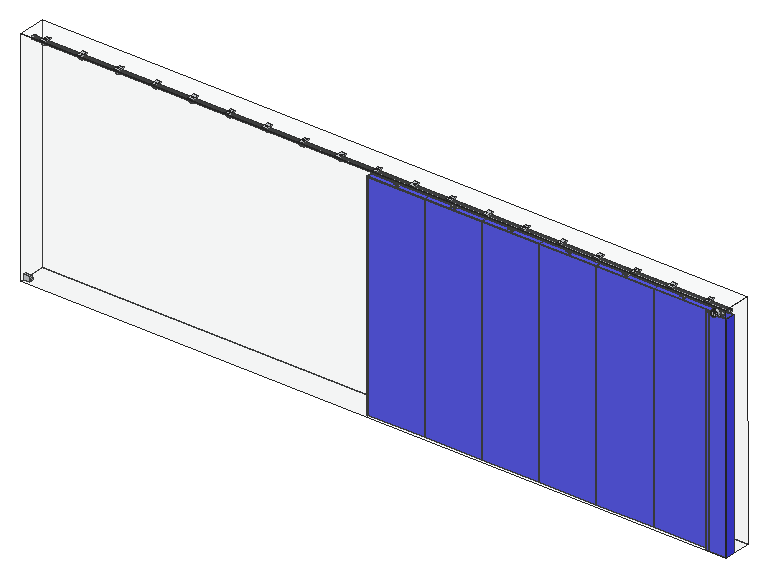
Revit family "Somati-System_SGS_Horizontal-fire-sliding-door_9040_ceiling_EI60_W-to-H-higher-than-1,3", category Doors, host Wall, Revit 2018
Family settings
  Host = Wall
  OmniClass Number = 23.30.10.00
  OmniClass Title = Doors
  Always vertical = Yes
  Cut with Voids When Loaded = No
  Shared = No
  Room Calculation Point = No
Parameters (values of type "EI 60")
  Youtube clip = "https://www.youtube.com/watch?v=pRjbxBvixFY&feature=emb_logo"
  Wing top offset [instance] = 88 mm  # constant formula
  Wing thickness = 71.2 mm
  Wing access (D) [instance] = [Width (W)] + 150 mm  # 5750 mm
  Width (W) [instance] = 5600 mm
  Weight Net (Kg) = "0"
  Uniformat II Description = ""
  Uniformat II Code = ""
  Uniclass 2015 Name = ""
  Uniclass 2015 Code = ""
  Uniclass 2.0 Description = ""
  Uniclass 2.0 Code = ""
  Uniclass 1.4 Description = ""
  Uniclass 1.4 Code = ""
  UNSPSC Code = ""
  Total height (Z) [instance] = Height Control + 225 mm  # 3725 mm
  Thickness = 0 mm
  Technical description = "https://somati-system.pl/en/download/sgs-download-en/"
  Region South America = "None"
  Region Oceania = "None"
  Region North America = "None"
  Region Middle East = "None"
  Region Europe = "AD, AL, AT, AX, BA, BE, BG, BY, CH, CY, CZ, DE, DK, EE, ES, FI, FO, FR, GB, GG, GI, GR, HR, HU, IE, IM, IS, IT, JE, LI, LT, LU, LV, MC, MD, ME, MK, MT, NL, NO, PL, PT, RO, RS, RU, SE, SI, SJ, SK, SM, UA, VA"
  Region Asia = "None"
  Region Antarctica = "None"
  Region Africa = "None"
  Rail and assembly materials [instance] = none
  QR code = "http://bimobject.com/somati-system/product/SGS_HORIZONTAL_FIRE_SLIDING_DOOR"
  Product url = "https://somati-system.pl/en/products/sgs-horizontal-fire-sliding-doors/"
  Product group = "SGS"
  Product family = "SGS"
  Product data url = "https://bimobject.com/somati-system/product/SGS_HORIZONTAL_FIRE_SLIDING_DOOR"
  Product certification = ""
  Product SKU = "SGS_HORIZONTAL_FIRE_SLIDING_DOOR"
  Product Guid = "8235eb12-0acf-4b60-9ca9-7613396e8d01"
  Power supply of control panel = "230V/50Hz/6A"  # constant formula
  Panel width [instance] = ([Width (W)] + 168 mm) / Number of panels in wing  # 961.333 mm
  Panel material = Somati - Stainless Steel - Custom
  Panel height [instance] = Height Control + Wing top offset  # 3588 mm
  OmniClass Description = ""
  OmniClass Code = ""
  Offset Right [instance] = [Counterweight housing (A2)]  # 360 mm
  Offset Left [instance] = 0 mm
  Number of panels in wing [instance] = roundup([Width (W)] / 1000 mm)  # 6
  Number of hangers [instance] = ([Guide rail length (K)] - 210 mm) / 600 mm  # 19
  Nominal width = 0 mm
  Nominal height = 0 mm
  NBS Reference Description = ""
  NBS Reference Code = ""
  Model = "SGS"  # constant formula
  Max number of opening cycles = 50000  # constant formula
  Material secondary = "Composite"
  Material main = "Steel"
  Masterformat 2014 Description = ""
  Masterformat 2014 Code = ""
  Manufacturer name = "Somati System"
  Manufacturer country = "Poland"
  Manufacturer = "Somati System"  # constant formula
  Installation instructions = ""
  IFC Classification = ""
  Height Control [instance] = if([Height (H)] > 3500 mm, 3500 mm, [Height (H)])  # 3500 mm
  Height (H) [instance] = 3600 mm
  Guide rail lower edge (B1) [instance] = Height Control + 160 mm  # 3660 mm
  Guide rail length (K) [instance] = [Wing access (D)] + [Width (W)] + [Counterweight housing (A2)]  # 11710 mm
  Gate Control type = "Electromagnetic brake"  # constant formula
  GTIN code = ""
  Function = Interior
  Height = 3000 mm
  Wall Closure = By host
  Width = 3000 mm
  Fire resistance = "EI 60, EI 120 n"  # constant formula
  Edition number = 1
  Design country = "Poland"
  Date of publishing = ""
  Counterweight housing (A2) [instance] = if([Width (W)] / Height Control > 1.3, 360 mm, 210 mm)  # 360 mm
  Console mounting axis (B2) [instance] = if(Height Control > 3500 mm, Height Control + 239 mm, Height Control + 179 mm)  # 3679 mm
  Clearance Area Visibility [instance] = yes
  COBIe Type Category = ""
  Buffer (A1) [instance] = [Wing access (D)] + 130 mm  # 5880 mm
  Brand url = ""
  BIMobject main category code = "doors"
  BIMobject main category = "Doors"
  BIMobject category code = "doors-fire"
  BIMobject category = "Fire Doors & Shutters"
  Available surface fnish = "Galvanized Stainless Steel PVC, MDF, HDF, laminate or veneer, STANDARD RAL 7035, 9002, 9006, 9010, and powder coating of whole RAL pallet"  # constant formula
Reference planes
  plane 1: y = 0
  plane 2 "Center (Left/Right)": x = 0
  plane 3 "Left": x = -2800
  plane 4 "Right": x = 2800
  plane 5 "Cutout height": z = 3500
  plane 6 "Exterior": y = 150
  plane 7 "Interior": y = -150
  plane 8 "Consoles mounting axis": z = 3679
  plane 9 "Total height top": z = 3725
  plane 10 "Guide rail bottom": z = 3660
  plane 11 "Wing access": x = -8550
  plane 12 "Buffer placement": x = -8680
  plane 13 "Counterweight housing": x = 3160
  plane 14 "Handle": z = 1050
  plane 15 "Wing end left": x = -2908
  plane 16 "Wing end top": z = 3588
  plane 17 "Wing end right": x = 2860
  plane 18: y = -324
  plane 19 "Wing axis": y = -225.5
  plane 20: y = -75
  plane 21: y = -184.9
  plane 22: y = -266.1
  plane 23: x = -2910
  plane 24 "end of hangers": x = -8340
  plane 25: x = -1040
  plane 26: x = -2845
  plane 27: y = -291.1
  plane 28: y = -159.9
  plane 29: x = -9040
  plane 30: x = -8689
  plane 31: x = -8864.5
  plane 32: x = 3160
  plane 33: x = -8680
  plane 34: x = -8860
  plane 35: z = 3654
  plane 36: x = 3010
Forms (mm)
  Sweep 1, solid
    path origin (0, -150, 0) x (1, 0, 0) y (0, 0, 1)
      loop
        line (-2800, 0) -> (-2800, 3482) -> (2800, 3482)
    profile origin (-2800, -150, 1741) x (-1, 0, 0) y (0, -1, 0)
      loop
        line (20, 33) -> (20, 4)
        arc (20, 4) -> (21.172, 1.172) -> (24, 0) r 4
        line (24, 0) -> (66, 0)
        arc (66, 0) -> (68.828, 1.172) -> (70, 4) r 4
        line (70, 4) -> (70, 29)
        arc (70, 29) -> (70.586, 30.414) -> (72, 31) r 2
        line (72, 31) -> (93, 31) -> (93, 33) -> (20, 33)
  Sweep 2, solid, material "Somati - Stainless Steel - Custom" <- "Panel material"
    path origin (0, -150, 0) x (1, 0, 0) y (0, 0, 1)
      loop
        line (-2908, 3588) -> (-2908, 0)
    profile origin (-2908, -150, 1794) x (0, -1, 0) y (1, 0, 0)
      loop
        arc (18.1, 2) -> (19.272, -0.828) -> (22.1, -2) r 4
        line (22.1, -2) -> (114.1, -2)
        arc (114.1, -2) -> (116.928, -0.828) -> (118.1, 2) r 4
        line (118.1, 2) -> (118.1, 13) -> (116.1, 13) -> (116.1, 2)
        arc (116.1, 2) -> (115.514, 0.586) -> (114.1, 0) r 2
        line (114.1, 0) -> (22.1, 0)
        arc (22.1, 0) -> (20.686, 0.586) -> (20.1, 2) r 2
        line (20.1, 2) -> (20.1, 23) -> (18.1, 23) -> (18.1, 2)
  Sweep 3, solid, material "Somati - Stainless Steel - Custom" <- "Panel material"
    path origin (0, -150, 0) x (1, 0, 0) y (0, 0, 1)
      loop
        line (-2910, 3588) -> (2860, 3588)
    profile origin (-25, -150, 3588) x (0, 0, 1) y (0, -1, 0)
      loop
        line (-23, 19.5) -> (-23, 17.5) -> (-2, 17.5)
        arc (-2, 17.5) -> (0.828, 18.672) -> (2, 21.5) r 4
        line (2, 21.5) -> (2, 117.5) -> (0, 117.5) -> (0, 21.5)
        arc (0, 21.5) -> (-0.586, 20.086) -> (-2, 19.5) r 2
        line (-2, 19.5) -> (-23, 19.5)
  Sweep 4, solid, material "Somati - Stainless Steel - Custom" <- "Panel material"
    path origin (0, -150, 0) x (1, 0, 0) y (0, 0, 1)
      loop
        line (3160, 3588) -> (3160, 0)
    profile origin (3160, -150, 1794) x (0, -1, 0) y (1, 0, 0)
      loop
        line (161, -348) -> (161, 0) -> (0, 0) -> (0, -351) -> (33, -351) -> (33, -302) -> (124, -302) -> (124, -348) -> (161, -348)
      loop
        line (2, -300) -> (127, -300) -> (127, -345) -> (157, -345) -> (157, -3) -> (2, -3) -> (2, -300)
  Sweep 5, solid, material <- "Rail and assembly materials"
    path origin (0, -150, -4.5) x (1, 0, 0) y (0, 0, 1)
      loop
        line (-8550, 3664.5) -> (3160, 3664.5)
    profile origin (-2695, -150, 3660) x (0, 0, 1) y (0, -1, 0)
      loop
        line (0, 85.481) -> (3, 85.481) -> (3, 92.751)
        arc (3, 92.751) -> (3.18, 93.314) -> (3.654, 93.668) r 0.97
        line (3.654, 93.668) -> (17.063, 98.286)
        arc (17.063, 98.286) -> (17.637, 98.432) -> (18.228, 98.481) r 3.578
        line (18.228, 98.481) -> (41.023, 98.481)
        arc (41.023, 98.481) -> (41.714, 98.195) -> (42, 97.504) r 0.977
        line (42, 97.504) -> (42, 53.496)
        arc (42, 53.496) -> (41.703, 52.778) -> (40.985, 52.481) r 1.015
        line (40.985, 52.481) -> (18.23, 52.481)
        arc (18.23, 52.481) -> (17.637, 52.53) -> (17.06, 52.677) r 3.593
        line (17.06, 52.677) -> (3.641, 57.298)
        arc (3.641, 57.298) -> (3.177, 57.645) -> (3, 58.198) r 0.951
        line (3, 58.198) -> (3, 65.481) -> (0, 65.481) -> (0, 56.09)
        arc (0, 56.09) -> (0.207, 55.481) -> (0.742, 55.124) r 1
        line (0.742, 55.124) -> (16.089, 49.838)
        arc (16.089, 49.838) -> (17, 49.571) -> (17.945, 49.481) r 5
        line (17.945, 49.481) -> (42, 49.481)
        arc (42, 49.481) -> (44.121, 50.36) -> (45, 52.481) r 3
        line (45, 52.481) -> (45, 98.481)
        arc (45, 98.481) -> (44.121, 100.602) -> (42, 101.481) r 3
        line (42, 101.481) -> (17.945, 101.481)
        arc (17.945, 101.481) -> (17, 101.391) -> (16.089, 101.123) r 5
        line (16.089, 101.123) -> (0.742, 95.838)
        arc (0.742, 95.838) -> (0.207, 95.481) -> (0, 94.872) r 1
        line (0, 94.872) -> (0, 85.481)
  Extrusion 6, solid, material "Clearance Areas", visible <- "Clearance Area Visibility"
    sketch origin (-2209.467, 358.585, 220.701) x (1, 0, 0) y (0, 0, -1)
      loop
        line (-6470.533, 220.701) -> (-6470.533, -3504.299) -> (5369.467, -3504.299) -> (5369.467, 220.701) -> (-6470.533, 220.701)
    from -682.585 to -208.585
  Sweep 7, solid, material "Somati - Stainless Steel - Custom" <- "Panel material"
    path origin (0, -150, 0) x (1, 0, 0) y (0, 0, 1)
      loop
        line (2800, 0) -> (2800, 3588)
    profile origin (2800, -150, 1794) x (-1, 0, 0) y (0, -1, 0)
      loop
        line (-9, 0) -> (-9, 33) -> (-58, 33) -> (-58, 124) -> (-12, 124) -> (-12, 161) -> (-60, 161) -> (-60, 0) -> (-9, 0)
Lines and regions (mm)
  Opening 1
    outline origin (-3050, -150, 0) x (1, 0, 0) y (0, 0, 1)
      loop
        line (250, 0) -> (5850, 0) -> (5850, 3500) -> (250, 3500) -> (250, 0)
Text (mm)
  text "Exterior" at (-2295.016, 1099.543, 0), in view "Ref. Level"
  text "Exterior" at (0, 1615.38, 3698.081), in view "Left"
  text "Exterior" at (0, 1036.032, 3874.932), in view "Right"
Dimensions and locks
  equal spacing: plane 3 "Left", plane 2 "Center (Left/Right)", plane 4 "Right"
  "Width (W)": plane 3 "Left" to plane 4 "Right"
  "Height Control": plane 5 "Cutout height" to host wall
  host wall to plane 5 "Cutout height" = 3500 mm  (x2)
  locked: plane 6 "Exterior" to host wall at 0
  locked: plane 7 "Interior" to host wall
  "Total height (Z)": plane 9 "Total height top" to level
  "Console mounting axis (B2)": plane 8 "Consoles mounting axis" to level
  "Guide rail lower edge (B1)": plane 10 "Guide rail bottom" to level
  "Buffer (A1)": plane 12 "Buffer placement" to plane 3 "Left"
  "Counterweight housing (A2)": plane 4 "Right" to plane 13 "Counterweight housing"
  "Wing access (D)": plane 11 "Wing access" to plane 3 "Left"
  locked: plane 14 "Handle" to level at 1050
  equal spacing: plane 21, plane 19 "Wing axis", plane 22
  equal spacing: group 1, group 6, group 14, group 15, group 16, group 2  (x3)
  locked: plane 4 "Right" to plane 17 "Wing end right" at 60
  "Wing top offset": plane 16 "Wing end top" to plane 5 "Cutout height"
  locked: plane 23 to plane 15 "Wing end left" at 2
  locked: Sweep 1 sketch curve to plane 5 "Cutout height" at 18
  locked: plane 24 "end of hangers" to plane 11 "Wing access" at 210
  equal spacing: group 4, group 25, group 24, group 23, group 22, group 21, group 20, group 19, group 18, group 17, group 13, group 12, group 11, group 10, group 9, group 8, group 7, group 5, group 3
  equal spacing: group 3, group 5, group 7, group 8, group 9, group 10, group 11, group 12, group 13, group 17, group 18, group 19, group 20, group 21, group 22, group 23, group 24, group 25, group 4  (x2)
  locked: plane 26 to plane 3 "Left" at 45
  locked: plane 28 to plane 21 at 25
  locked: plane 22 to plane 27 at 25
  plane 15 "Wing end left" to plane 3 "Left" = 108 mm
  locked: Sweep 4 to plane 19 "Wing axis" at 85.5
  locked: Sweep 4 sketch curve to Sweep 4 sketch curve at 3
  "Counterweight housing (A2)": plane 29 to plane 12 "Buffer placement"
  locked: plane 30 to plane 12 "Buffer placement" at 9
  equal spacing: plane 30, plane 31, plane 29
  "Offset Left": plane 33 to plane 12 "Buffer placement"
  "Offset Right": plane 4 "Right" to plane 32
  equal spacing: plane 29, plane 34, plane 12 "Buffer placement"
  locked: plane 35 to plane 16 "Wing end top" at 66
  equal spacing: plane 17 "Wing end right", plane 36, plane 32
  locked: plane 19 "Wing axis" to host wall at 75.5
  aligned and locked: plane 3 "Left" to Opening 1 sketch curve
  aligned and locked: plane 5 "Cutout height" to Opening 1 sketch curve  (x2)
  aligned and locked: Opening 1 sketch curve to plane 4 "Right"
  aligned and locked: Opening 1 sketch curve to level
  aligned and locked: host wall to plane 1
  aligned and locked: nested 1 to plane 19 "Wing axis"
  aligned and locked: plane 15 "Wing end left" to nested 1
  aligned and locked: plane 17 "Wing end right" to nested 2
  aligned and locked: Sweep 1 sketch curve to plane 3 "Left"
  aligned and locked: plane 3 "Left" to Sweep 1 sketch curve
  aligned and locked: plane 4 "Right" to Sweep 1 sketch curve
  aligned and locked: level to Sweep 1 sketch curve
  aligned and locked: Sweep 2 sketch curve to plane 15 "Wing end left"
  aligned and locked: plane 16 "Wing end top" to Sweep 2 sketch curve
  aligned and locked: level to Sweep 2 sketch curve
  aligned and locked: Sweep 3 sketch curve to plane 16 "Wing end top"
  aligned and locked: Sweep 3 sketch curve to plane 23
  aligned and locked: Sweep 4 sketch curve to plane 16 "Wing end top"
  aligned and locked: plane 17 "Wing end right" to Sweep 3 sketch curve
  aligned and locked: nested 3 to plane 9 "Total height top"
  aligned and locked: plane 19 "Wing axis" to nested 3
  aligned and locked: plane 4 "Right" to nested 3
  aligned and locked: nested 4 to plane 24 "end of hangers"
  aligned and locked: nested 4 to plane 9 "Total height top"
  aligned and locked: plane 6 "Exterior" to Extrusion 6
  aligned and locked: plane 13 "Counterweight housing" to Extrusion 6
  aligned and locked: Extrusion 6 to plane 12 "Buffer placement"
  aligned and locked: Extrusion 6 to plane 18
  aligned and locked: plane 9 "Total height top" to Extrusion 6
  aligned and locked: nested 2 to plane 19 "Wing axis"
  aligned and locked: plane 19 "Wing axis" to nested 4
  aligned and locked: plane 22 to Sweep 2
  aligned and locked: profile plane to Sweep 4 sketch curve
  aligned and locked: plane 17 "Wing end right" to Sweep 4 sketch curve
  aligned and locked: nested 6 to plane 19 "Wing axis"
  aligned and locked: nested 6 to plane 12 "Buffer placement"
  aligned and locked: Sweep 7 sketch curve to plane 4 "Right"
  aligned and locked: plane 16 "Wing end top" to Sweep 7 sketch curve
  aligned and locked: plane 32 to Sweep 5 sketch curve
  aligned and locked: Sweep 5 sketch curve to plane 10 "Guide rail bottom"
  aligned and locked: plane 11 "Wing access" to Sweep 5 sketch curve
  aligned and locked: nested 27 to plane 35
  aligned and locked: nested 27 to plane 19 "Wing axis"
  aligned and locked: plane 36 to nested 27
Automatic sketch dimensions
  plane 7 "Interior" to Sweep 1 sketch curve = 0 mm
  Sweep 1 sketch curve to profile plane = 20 mm
  Sweep 1 sketch curve to Sweep 1 sketch curve = 4 mm
  plane 7 "Interior" to Sweep 1 sketch curve = 4 mm
  Sweep 1 sketch curve to Sweep 1 sketch curve = 42 mm
  Sweep 1 sketch curve to Sweep 1 sketch curve = 2 mm
  Sweep 1 sketch curve to Sweep 1 sketch curve = 21 mm
  Sweep 1 sketch curve to Sweep 1 sketch curve = 25 mm
  Sweep 1 sketch curve to Sweep 1 sketch curve = 29 mm
  Sweep 2 sketch curve to Sweep 2 sketch curve = 0 mm  (x4)
  Sweep 2 sketch curve to profile plane = 0 mm
  Sweep 2 sketch curve to profile plane = 2 mm  (x2)
  plane 7 "Interior" to Sweep 2 sketch curve = 18.1 mm
  Sweep 2 sketch curve to Sweep 2 sketch curve = 2 mm
  Sweep 2 sketch curve to Sweep 2 sketch curve = 92 mm
  Sweep 2 sketch curve to Sweep 2 sketch curve = 11 mm
  Sweep 2 sketch curve to Sweep 2 sketch curve = 21 mm
  Sweep 3 sketch curve to Sweep 3 sketch curve = 0 mm  (x2)
  profile plane to Sweep 3 sketch curve = 0 mm
  profile plane to Sweep 3 sketch curve = 2 mm
  Sweep 3 sketch curve to Sweep 3 sketch curve = 21 mm
  Sweep 3 sketch curve to Sweep 3 sketch curve = 2 mm
  plane 7 "Interior" to Sweep 3 sketch curve = 17.5 mm
  Sweep 3 sketch curve to Sweep 3 sketch curve = 96 mm
  Sweep 4 sketch curve to level = 0 mm
  Sweep 4 sketch curve to plane 13 "Counterweight housing" = 0 mm
  plane 7 "Interior" to Sweep 4 sketch curve = 0 mm
  plane 7 "Interior" to Sweep 4 sketch curve = 2 mm
  Sweep 4 sketch curve to Sweep 4 sketch curve = 31 mm
  Sweep 4 sketch curve to Sweep 4 sketch curve = 91 mm
  Sweep 4 sketch curve to Sweep 4 sketch curve = 3 mm  (x2)
  Sweep 4 sketch curve to Sweep 4 sketch curve = 30 mm
  Sweep 4 sketch curve to Sweep 4 sketch curve = 4 mm
  Sweep 4 sketch curve to Sweep 4 sketch curve = 2 mm
  Sweep 4 sketch curve to Sweep 4 sketch curve = 45 mm
  Sweep 4 sketch curve to Sweep 4 sketch curve = 49 mm
  Extrusion 6 sketch curve to plane 9 "Total height top" = 0 mm
  Extrusion 6 sketch curve to plane 12 "Buffer placement" = 0 mm
  Extrusion 6 sketch curve to plane 13 "Counterweight housing" = 0 mm
  Extrusion 6 sketch curve to level = 0 mm
  Sweep 7 sketch curve to plane 14 "Handle" = 1050 mm
  plane 7 "Interior" to Sweep 7 sketch curve = 0 mm
  profile plane to Sweep 7 sketch curve = 60 mm
  Sweep 7 sketch curve to Sweep 7 sketch curve = 2 mm
  profile plane to Sweep 7 sketch curve = 12 mm
  profile plane to Sweep 7 sketch curve = 9 mm
  plane 7 "Interior" to Sweep 7 sketch curve = 33 mm
  Sweep 7 sketch curve to Sweep 7 sketch curve = 91 mm
  Sweep 7 sketch curve to Sweep 7 sketch curve = 37 mm
  profile plane to Sweep 5 sketch curve = 0 mm  (x2)
  Sweep 5 sketch curve to Sweep 5 sketch curve = 0.742 mm  (x2)
  Sweep 5 sketch curve to Sweep 5 sketch curve = 1 mm  (x2)
  Sweep 5 sketch curve to Sweep 5 sketch curve = 3 mm  (x3)
  Sweep 5 sketch curve to Sweep 5 sketch curve = 0.641 mm
  Sweep 5 sketch curve to Sweep 5 sketch curve = 0.654 mm
  Sweep 5 sketch curve to Sweep 5 sketch curve = 0.951 mm
  Sweep 5 sketch curve to Sweep 5 sketch curve = 0.97 mm
  Sweep 5 sketch curve to Sweep 5 sketch curve = 12.435 mm
  Sweep 5 sketch curve to Sweep 5 sketch curve = 12.447 mm
  Sweep 5 sketch curve to Sweep 5 sketch curve = 0.972 mm
  Sweep 5 sketch curve to Sweep 5 sketch curve = 0.974 mm
  Sweep 5 sketch curve to Sweep 5 sketch curve = 1.857 mm
  Sweep 5 sketch curve to Sweep 5 sketch curve = 0.885 mm
  Sweep 5 sketch curve to Sweep 5 sketch curve = 0.282 mm
  Sweep 5 sketch curve to Sweep 5 sketch curve = 1.17 mm
  Sweep 5 sketch curve to Sweep 5 sketch curve = 22.755 mm
  Sweep 5 sketch curve to Sweep 5 sketch curve = 22.795 mm
  Sweep 5 sketch curve to Sweep 5 sketch curve = 1.015 mm  (x2)
  Sweep 5 sketch curve to Sweep 5 sketch curve = 0 mm
  plane 7 "Interior" to Sweep 5 sketch curve = 49.481 mm
  Sweep 5 sketch curve to Sweep 5 sketch curve = 0.357 mm
  Sweep 5 sketch curve to Sweep 5 sketch curve = 2 mm
  Sweep 5 sketch curve to Sweep 5 sketch curve = 0.196 mm
  Sweep 5 sketch curve to Sweep 5 sketch curve = 5.286 mm
  Sweep 5 sketch curve to Sweep 5 sketch curve = 1.208 mm
  Sweep 5 sketch curve to Sweep 5 sketch curve = 7.283 mm
  Sweep 5 sketch curve to Sweep 5 sketch curve = 20 mm
  Sweep 5 sketch curve to Sweep 5 sketch curve = 7.27 mm
  Sweep 5 sketch curve to Sweep 5 sketch curve = 2.121 mm
  Sweep 5 sketch curve to Sweep 5 sketch curve = 2.152 mm
  Sweep 5 sketch curve to Sweep 5 sketch curve = 1.578 mm
  Sweep 5 sketch curve to Sweep 5 sketch curve = 2.601 mm
  Sweep 5 sketch curve to Sweep 5 sketch curve = 0.977 mm
Nested families
  nested 1: "Family2" at (-2427.333, -225.5, 0), Material <- "Panel material", Width <- "Panel width", Thickness <- "Wing thickness", Height <- "Panel height", type "Family2"
    with Width 961.333 mm, Thickness 71.2 mm, Material Somati - Stainless Steel - Custom, Height 3588 mm
  nested 2: "Family2" at (2379.333, -225.5, 0), Material <- "Panel material", Width <- "Panel width", Thickness <- "Wing thickness", Height <- "Panel height", type "Family2"
    with Width 961.333 mm, Thickness 71.2 mm, Material Somati - Stainless Steel - Custom, Height 3588 mm
  nested 3: "Family3" at (2766, -225.5, 3725) x (0, 1, 0) z (1, 0, 0), type "Family3", detail levels medium+fine
  nested 4: "Family3" at (-8374, -225.5, 3725) x (0, 1, 0) z (1, 0, 0), type "Family3", detail levels medium+fine
  nested 5: "Family3" at (2147.111, -225.5, 3725) x (0, 1, 0) z (1, 0, 0), type "Family3", detail levels medium+fine
  nested 6: "Stopper" at (-8630.037, -225.5, 0), type "Stopper", detail levels medium+fine
  nested 7: "Family2" at (-1466, -225.5, 0), Material <- "Panel material", Width <- "Panel width", Thickness <- "Wing thickness", Height <- "Panel height", type "Family2"
    with Width 961.333 mm, Thickness 71.2 mm, Material Somati - Stainless Steel - Custom, Height 3588 mm
  nested 8: "Family3" at (1528.222, -225.5, 3725) x (0, 1, 0) z (1, 0, 0), type "Family3", detail levels medium+fine
  nested 9: "Family3" at (909.333, -225.5, 3725) x (0, 1, 0) z (1, 0, 0), type "Family3", detail levels medium+fine
  nested 10: "Family3" at (290.444, -225.5, 3725) x (0, 1, 0) z (1, 0, 0), type "Family3", detail levels medium+fine
  nested 11: "Family3" at (-328.444, -225.5, 3725) x (0, 1, 0) z (1, 0, 0), type "Family3", detail levels medium+fine
  nested 12: "Family3" at (-947.333, -225.5, 3725) x (0, 1, 0) z (1, 0, 0), type "Family3", detail levels medium+fine
  nested 13: "Family3" at (-1566.222, -225.5, 3725) x (0, 1, 0) z (1, 0, 0), type "Family3", detail levels medium+fine
  nested 14: "Family3" at (-2185.111, -225.5, 3725) x (0, 1, 0) z (1, 0, 0), type "Family3", detail levels medium+fine
  nested 15: "Family2" at (-504.667, -225.5, 0), Material <- "Panel material", Width <- "Panel width", Thickness <- "Wing thickness", Height <- "Panel height", type "Family2"
    with Width 961.333 mm, Thickness 71.2 mm, Material Somati - Stainless Steel - Custom, Height 3588 mm
  nested 16: "Family2" at (456.667, -225.5, 0), Material <- "Panel material", Width <- "Panel width", Thickness <- "Wing thickness", Height <- "Panel height", type "Family2"
    with Width 961.333 mm, Thickness 71.2 mm, Material Somati - Stainless Steel - Custom, Height 3588 mm
  nested 17: "Family2" at (1418, -225.5, 0), Material <- "Panel material", Width <- "Panel width", Thickness <- "Wing thickness", Height <- "Panel height", type "Family2"
    with Width 961.333 mm, Thickness 71.2 mm, Material Somati - Stainless Steel - Custom, Height 3588 mm
  nested 18: "Family3" at (-2804, -225.5, 3725) x (0, 1, 0) z (1, 0, 0), type "Family3", detail levels medium+fine
  nested 19: "Family3" at (-3422.889, -225.5, 3725) x (0, 1, 0) z (1, 0, 0), type "Family3", detail levels medium+fine
  nested 20: "Family3" at (-4041.778, -225.5, 3725) x (0, 1, 0) z (1, 0, 0), type "Family3", detail levels medium+fine
  nested 21: "Family3" at (-4660.667, -225.5, 3725) x (0, 1, 0) z (1, 0, 0), type "Family3", detail levels medium+fine
  nested 22: "Family3" at (-5279.556, -225.5, 3725) x (0, 1, 0) z (1, 0, 0), type "Family3", detail levels medium+fine
  nested 23: "Family3" at (-5898.444, -225.5, 3725) x (0, 1, 0) z (1, 0, 0), type "Family3", detail levels medium+fine
  nested 24: "Family3" at (-6517.333, -225.5, 3725) x (0, 1, 0) z (1, 0, 0), type "Family3", detail levels medium+fine
  nested 25: "Family3" at (-7136.222, -225.5, 3725) x (0, 1, 0) z (1, 0, 0), type "Family3", detail levels medium+fine
  nested 26: "Family3" at (-7755.111, -225.5, 3725) x (0, 1, 0) z (1, 0, 0), type "Family3", detail levels medium+fine
  nested 27: "brake" at (3010, -225.5, 3633.165) x (1, 0, 0) z (0, -1, 0), type "brake"
Definition of nested family "Family2"
  Parameters (values of type "Family2")
    Width [instance] = 349.761 mm
    Thickness [instance] = 117.742 mm
    Material [instance] = none
    Height [instance] = 398.765 mm
    Hardware material = none
  Reference planes
    plane 1 "Center (Front/Back)": y = 0
    plane 2: z = 0
    plane 3 "Center (Left/Right)": x = 0
    plane 4: x = -174.88
    plane 5: x = 174.88
    plane 6: y = 58.871
    plane 7: y = -58.871
    plane 8: z = 398.765
  Forms (mm)
    Extrusion 1, solid, material <- "Material"
      sketch origin (0, 0, 0) x (1, 0, 0) y (0, 1, 0)
        loop
          line (-174.88, -58.871) -> (174.88, -58.871) -> (174.88, 58.871) -> (-174.88, 58.871) -> (-174.88, -58.871)
      from 0 to 398.765
  Dimensions and locks
    equal spacing: plane 4, plane 3 "Center (Left/Right)", plane 5
    "Width": plane 4 to plane 5
    equal spacing: plane 6, plane 1 "Center (Front/Back)", plane 7
    "Thickness": plane 6 to plane 7
    "Height": plane 8 to plane 2
    aligned and locked: level to plane 2
    aligned and locked: plane 6 to Extrusion 1
    aligned and locked: Extrusion 1 to plane 7
    aligned and locked: Extrusion 1 to plane 4
    aligned and locked: plane 5 to Extrusion 1
    aligned and locked: plane 6 to Extrusion 1 sketch curve
    aligned and locked: Extrusion 1 sketch curve to plane 7
    aligned and locked: Extrusion 1 sketch curve to plane 4
    aligned and locked: plane 5 to Extrusion 1 sketch curve
    aligned and locked: plane 8 to Extrusion 1
    aligned and locked: plane 3 "Center (Left/Right)" to nested 1
    aligned and locked: plane 1 "Center (Front/Back)" to nested 1
    aligned and locked: nested 1 to plane 8
  Nested families
    nested 1: "Family1" at (0, 0, 491.765), type "Family1", detail levels medium+fine
  Definition of nested family "Family1"
    Parameters (values of type "Family1")
      Material = none
    Reference planes
      plane 1 "Center (Front/Back)": y = 0
      plane 2: z = 0
      plane 3 "Center (Left/Right)": x = 0
      plane 4: y = 1.5
      plane 5: y = -1.5
      plane 6: z = -93
    Forms (mm)
      Extrusion 1, solid, material <- "Material"
        sketch origin (0, 0, 0) x (0, 1, 0) y (0, 0, 1)
          loop
            line (11, -54) -> (-26.5, -54) -> (-26.5, -60) -> (11, -60)
            arc (11, -60) -> (16.303, -57.803) -> (18.5, -52.5) r 7.5
            line (18.5, -52.5) -> (18.5, -45.5)
            arc (18.5, -45.5) -> (16.303, -40.197) -> (11, -38) r 7.5
            line (11, -38) -> (9, -38)
            arc (9, -38) -> (4.757, -36.243) -> (3, -32) r 6
            line (3, -32) -> (3, 17.5) -> (-3, 17.5) -> (-3, -32)
            arc (-3, -32) -> (0.515, -40.485) -> (9, -44) r 12
            line (9, -44) -> (11, -44)
            arc (11, -44) -> (12.061, -44.439) -> (12.5, -45.5) r 1.5
            line (12.5, -45.5) -> (12.5, -52.5)
            arc (12.5, -52.5) -> (12.061, -53.561) -> (11, -54) r 1.5
        from -45 to 45
      Revolve 2, solid, material <- "Material"
        sketch origin (0, 0, 0) x (1, 0, 0) y (0, 0, 1)
          loop
            arc (8.25, -46) -> (4.244, -44.507) -> (0, -44) r 18.016
            line (0, -44) -> (0, -184) -> (6.5, -184) -> (8, -182.5) -> (8, -91) -> (10.125, -91)
            arc (10.125, -91) -> (11.933, -90.664) -> (13.5, -89.7) r 5.031
            line (13.5, -89.7) -> (13.5, -84.8)
            arc (13.5, -84.8) -> (12.037, -83.478) -> (10.125, -83) r 4.064
            line (10.125, -83) -> (8, -83) -> (8, -71) -> (10.125, -71)
            arc (10.125, -71) -> (11.933, -70.664) -> (13.5, -69.7) r 5.031
            line (13.5, -69.7) -> (13.5, -64.8)
            arc (13.5, -64.8) -> (12.037, -63.478) -> (10.125, -63) r 4.064
            line (10.125, -63) -> (15, -63) -> (15, -60) -> (8, -60) -> (8, -54) -> (16.5, -54) -> (16.5, -46)
            arc (16.5, -46) -> (12.375, -44) -> (8.25, -46) r 5.254
          axis (0, -44) -> (0, -184)
        angle from 0 to 360
      Extrusion 3, void
        sketch origin (0, 0, 0) x (1, 0, 0) y (0, 0, 1)
          loop
            line (45, -25) -> (45, 17.5) -> (-45, 17.5) -> (-45, -25)
            arc (-45, -25) -> (0, 15) -> (45, -25) r 45.312
        from -23 to 30.5
      Extrusion 4, solid, material <- "Material"
        sketch origin (0, 0, 0) x (1, 0, 0) y (0, 0, 1)
          loop
            circle (70, 0) r 17
        from -17 to -7
      Sweep 5, void
        path in 3D
          loop
            arc (87, 7, 0) -> (70, 7, -17) -> (53, 7, 0) r 17
            arc (53, 7, 0) -> (70, 7, 17) -> (87, 7, 0) r 17
        profile origin (70, 7, 17) x (0, 0, 1) y (0, -1, 0)
          loop
            line (-1.5, 0) -> (0, -1.5) -> (0.954, -0.546) -> (-0.546, 0.954) -> (-1.5, 0)
      Sweep 6, void
        path in 3D
          loop
            arc (87, 17, 0) -> (70, 17, -17) -> (53, 17, 0) r 17
            arc (53, 17, 0) -> (70, 17, 17) -> (87, 17, 0) r 17
        profile origin (70, 17, 17) x (0, 0, -1) y (0, 1, 0)
          loop
            line (1.5, 0) -> (0.546, 0.954) -> (-0.954, -0.546) -> (0, -1.5) -> (1.5, 0)
      Extrusion 7, solid, material <- "Material"
        sketch origin (0, 0, 0) x (1, 0, 0) y (0, 0, 1)
          loop
            circle (70, 0) r 9
        from -7 to -3
      Extrusion 8, solid, material <- "Material"
        sketch origin (0, 0, 0) x (1, 0, 0) y (0, 0, -1)
          loop
            circle (70, 0) r 17
        from -17 to -7
      Sweep 9, void
        path in 3D
          loop
            arc (53, -7, 0) -> (70, -7, -17) -> (87, -7, 0) r 17
            arc (87, -7, 0) -> (70, -7, 17) -> (53, -7, 0) r 17
        profile origin (70, -7, 17) x (0, 0, 1) y (0, 1, 0)
          loop
            line (-1.5, 0) -> (0, -1.5) -> (0.954, -0.546) -> (-0.546, 0.954) -> (-1.5, 0)
      Sweep 10, void
        path in 3D
          loop
            arc (87, -17, 0) -> (70, -17, -17) -> (53, -17, 0) r 17
            arc (53, -17, 0) -> (70, -17, 17) -> (87, -17, 0) r 17
        profile origin (70, -17, 17) x (0, 0, 1) y (0, -1, 0)
          loop
            line (-1.5, 0) -> (0, -1.5) -> (0.954, -0.546) -> (-0.546, 0.954) -> (-1.5, 0)
      Extrusion 11, solid, material <- "Material"
        sketch origin (0, 0, 0) x (1, 0, 0) y (0, 0, -1)
          loop
            circle (70, 0) r 9
        from -7 to -3
      Extrusion 12, solid, material <- "Material"
        sketch origin (0, 0, 0) x (-1, 0, 0) y (0, 0, -1)
          loop
            circle (70, 0) r 17
        from -17 to -7
      Sweep 13, void
        path in 3D
          loop
            arc (-53, 7, 0) -> (-70, 7, -17) -> (-87, 7, 0) r 17
            arc (-87, 7, 0) -> (-70, 7, 17) -> (-53, 7, 0) r 17
        profile origin (-70, 7, 17) x (0, 0, 1) y (0, -1, 0)
          loop
            line (-1.5, 0) -> (0, -1.5) -> (0.954, -0.546) -> (-0.546, 0.954) -> (-1.5, 0)
      Sweep 14, void
        path in 3D
          loop
            arc (-87, 17, 0) -> (-70, 17, -17) -> (-53, 17, 0) r 17
            arc (-53, 17, 0) -> (-70, 17, 17) -> (-87, 17, 0) r 17
        profile origin (-70, 17, 17) x (0, 0, 1) y (0, 1, 0)
          loop
            line (-1.5, 0) -> (0, -1.5) -> (0.954, -0.546) -> (-0.546, 0.954) -> (-1.5, 0)
      Extrusion 15, solid, material <- "Material"
        sketch origin (0, 0, 0) x (-1, 0, 0) y (0, 0, -1)
          loop
            circle (70, 0) r 9
        from -7 to -1.5
      Extrusion 16, solid, material <- "Material"
        sketch origin (0, 0, 0) x (-1, 0, 0) y (0, 0, 1)
          loop
            circle (70, 0) r 17
        from -17 to -7
      Sweep 17, void
        path in 3D
          loop
            arc (-87, -7, 0) -> (-70, -7, -17) -> (-53, -7, 0) r 17
            arc (-53, -7, 0) -> (-70, -7, 17) -> (-87, -7, 0) r 17
        profile origin (-70, -7, 17) x (0, 0, 1) y (0, 1, 0)
          loop
            line (-1.5, 0) -> (0, -1.5) -> (0.954, -0.546) -> (-0.546, 0.954) -> (-1.5, 0)
      Sweep 18, void
        path in 3D
          loop
            arc (-87, -17, 0) -> (-70, -17, -17) -> (-53, -17, 0) r 17
            arc (-53, -17, 0) -> (-70, -17, 17) -> (-87, -17, 0) r 17
        profile origin (-70, -17, 17) x (0, 0, -1) y (0, -1, 0)
          loop
            line (1.5, 0) -> (0.546, 0.954) -> (-0.954, -0.546) -> (0, -1.5) -> (1.5, 0)
      Extrusion 19, solid, material <- "Material"
        sketch origin (0, 0, 0) x (-1, 0, 0) y (0, 0, 1)
          loop
            circle (70, 0) r 9
        from -7 to -1.5
      Extrusion 20, solid, material <- "Material"
        sketch origin (0, 0, 0) x (1, 0, 0) y (0, 0, 1)
          loop
            line (87, 17.5) -> (-87, 17.5)
            arc (-87, 17.5) -> (-89.121, 16.621) -> (-90, 14.5) r 3
            line (-90, 14.5) -> (-90, -14.5)
            arc (-90, -14.5) -> (-89.121, -16.621) -> (-87, -17.5) r 3
            line (-87, -17.5) -> (-50, -17.5) -> (-50, -12.5) -> (-24.592, -12.5) -> (24.592, -12.5) -> (50, -12.5) -> (50, -17.5) -> (87, -17.5)
            arc (87, -17.5) -> (89.121, -16.621) -> (90, -14.5) r 3
            line (90, -14.5) -> (90, 14.5)
            arc (90, 14.5) -> (89.121, 16.621) -> (87, 17.5) r 3
        from -1.5 to 1.5
      Revolve 21, solid, material <- "Material"
        sketch origin (0, 0, 0) x (0, 1, 0) y (0, 0, 1)
          loop
            arc (-22.5, -52.2) -> (-24.522, -52.351) -> (-26.5, -52.8) r 13.633
            line (-26.5, -52.8) -> (-26.5, -54) -> (-22.5, -54) -> (-22.5, -52.2)
          axis (-22.5, -54) -> (-22.5, -52.2)
        angle from 0 to 360
    Cuts and joins
      Extrusion 3 cuts Extrusion 1
      Sweep 5, Sweep 6, Sweep 9, Sweep 10, Sweep 13, Sweep 14 cuts Extrusion 4
      Sweep 9, Sweep 10, Sweep 17, Sweep 18 cuts Extrusion 8
      Sweep 13, Sweep 14 cuts Extrusion 12
      Sweep 17, Sweep 18 cuts Extrusion 16
    Lines and regions (mm)
      sketch lines
        curve 1: arc (53, 7, 0) -> (70, 7, 17) -> (87, 7, 0) r 17
        curve 2: arc (87, 7, 0) -> (70, 7, -17) -> (53, 7, 0) r 17
        curve 3: arc (53, 17, 0) -> (70, 17, 17) -> (87, 17, 0) r 17
        curve 4: arc (87, 17, 0) -> (70, 17, -17) -> (53, 17, 0) r 17
        curve 5: arc (87, -7, 0) -> (70, -7, 17) -> (53, -7, 0) r 17
        curve 6: arc (53, -7, 0) -> (70, -7, -17) -> (87, -7, 0) r 17
        curve 7: arc (53, -17, 0) -> (70, -17, 17) -> (87, -17, 0) r 17
        curve 8: arc (87, -17, 0) -> (70, -17, -17) -> (53, -17, 0) r 17
        curve 9: arc (-87, 7, 0) -> (-70, 7, 17) -> (-53, 7, 0) r 17
        curve 10: arc (-53, 7, 0) -> (-70, 7, -17) -> (-87, 7, 0) r 17
        curve 11: arc (-53, 17, 0) -> (-70, 17, 17) -> (-87, 17, 0) r 17
        curve 12: arc (-87, 17, 0) -> (-70, 17, -17) -> (-53, 17, 0) r 17
        curve 13: arc (-53, -7, 0) -> (-70, -7, 17) -> (-87, -7, 0) r 17
        curve 14: arc (-87, -7, 0) -> (-70, -7, -17) -> (-53, -7, 0) r 17
        curve 15: arc (-53, -17, 0) -> (-70, -17, 17) -> (-87, -17, 0) r 17
        curve 16: arc (-87, -17, 0) -> (-70, -17, -17) -> (-53, -17, 0) r 17
    Dimensions and locks
      aligned and locked: level to plane 2
Definition of nested family "Family3"
  Parameters (values of type "Family3")
    Material = none
    Default Elevation = 1219.2 mm
  Reference planes
    plane 1 "Center (Front/Back)": y = 0
    plane 2: z = 0
    plane 3 "Center (Left/Right)": x = 0
    plane 4: z = 34
    plane 5: y = -35.027
  Forms (mm)
    Extrusion 1, solid, material <- "Material"
      sketch origin (-42.203, -131.551, 0) x (1, 0, 0) y (0, 1, 0)
        loop
          line (107.203, 121.551) -> (107.203, 131.551) -> (-22.797, 131.551) -> (-22.797, 121.551) -> (-22.797, 116.051) -> (19.203, 116.051)
          arc (19.203, 116.051) -> (13.899, 113.854) -> (11.703, 108.551) r 7.5
          line (11.703, 108.551) -> (11.703, 84.496)
          arc (11.703, 84.496) -> (11.874, 82.7) -> (12.382, 80.969) r 9.5
          line (12.382, 80.969) -> (17.498, 66.134)
          arc (17.498, 66.134) -> (19.461, 63.19) -> (22.812, 62.051) r 5.5
          line (22.812, 62.051) -> (32.203, 62.051) -> (32.203, 66.551) -> (22.812, 66.551)
          arc (22.812, 66.551) -> (22.203, 66.758) -> (21.846, 67.293) r 1
          line (21.846, 67.293) -> (16.56, 82.64)
          arc (16.56, 82.64) -> (16.293, 83.551) -> (16.203, 84.496) r 5
          line (16.203, 84.496) -> (16.203, 108.551)
          arc (16.203, 108.551) -> (17.081, 110.672) -> (19.203, 111.551) r 3
          line (19.203, 111.551) -> (65.203, 111.551)
          arc (65.203, 111.551) -> (67.324, 110.672) -> (68.203, 108.551) r 3
          line (68.203, 108.551) -> (68.203, 84.496)
          arc (68.203, 84.496) -> (68.112, 83.551) -> (67.845, 82.64) r 5
          line (67.845, 82.64) -> (62.56, 67.293)
          arc (62.56, 67.293) -> (62.203, 66.758) -> (61.593, 66.551) r 1
          line (61.593, 66.551) -> (52.203, 66.551) -> (52.203, 62.051) -> (61.593, 62.051)
          arc (61.593, 62.051) -> (64.944, 63.19) -> (66.908, 66.134) r 5.5
          line (66.908, 66.134) -> (72.023, 80.969)
          arc (72.023, 80.969) -> (72.531, 82.7) -> (72.703, 84.496) r 9.5
          line (72.703, 84.496) -> (72.703, 108.551)
          arc (72.703, 108.551) -> (70.506, 113.854) -> (65.203, 116.051) r 7.5
          line (65.203, 116.051) -> (107.203, 116.051) -> (107.203, 121.551)
      from 0 to 68
  Dimensions and locks
    aligned and locked: level to plane 2
Definition of nested family "Stopper"
  Parameters (values of type "Stopper")
    Material = none
  Reference planes
    plane 1 "Center (Front/Back)": y = 0
    plane 2: z = 0
    plane 3 "Center (Left/Right)": x = 0
  Forms (mm)
    Extrusion 1, solid
      sketch origin (0, -69.316, 40.1) x (1, 0, 0) y (0, 1, 0)
        loop
          line (-49.963, 50.816) -> (50, 50.816) -> (50, 87.816) -> (-49.963, 87.816) -> (-49.963, 50.816)
      from -40 to 40
    Revolve 2, solid, material <- "Material"
      sketch origin (0, -18.5, 40.1) x (1, 0, 0) y (0, 1, 0)
        loop
          line (50, 36.9) -> (50, 18.5) -> (67.112, 18.5) -> (67.112, 36.9) -> (50, 36.9)
        axis (50, 18.5) -> (67.112, 18.5)
      angle from 0 to 360
  Dimensions and locks
    aligned and locked: level to plane 2
Definition of nested family "brake"
  Parameters (values of type "brake")
    Material = none
    Default Elevation = 1219.2 mm
  Reference planes
    plane 1 "Center (Front/Back)": y = 0
    plane 2: z = 0
    plane 3 "Center (Left/Right)": x = 0
    plane 4: z = 0
  Forms (mm)
    Revolve 1, solid, material <- "Material", detail levels medium+fine
      sketch origin (-1.83, 20.835, 169) x (0, 1, 0) y (0, 0, -1)
        loop
          line (0, 113.55) -> (0, 0) -> (43.75, 0)
          arc (43.75, 0) -> (44.457, 0.293) -> (44.75, 1) r 1
          line (44.75, 1) -> (44.75, 14.373) -> (47.25, 17.352) -> (47.25, 76) -> (45.25, 78) -> (47.5, 78) -> (47.5, 81) -> (21.5, 81) -> (21.5, 89.5)
          arc (21.5, 89.5) -> (21.207, 90.207) -> (20.5, 90.5) r 1
          line (20.5, 90.5) -> (12.5, 90.5) -> (12.5, 93.55) -> (23, 93.55) -> (23, 95.3) -> (48, 95.3) -> (48, 97.8) -> (43.067, 101.346) -> (48, 104.8) -> (48, 107.3) -> (23, 107.3) -> (23, 109.05) -> (12, 109.05) -> (12, 110.55) -> (6, 110.55) -> (6, 112.55) -> (5, 113.55) -> (0, 113.55)
        axis (0, 113.55) -> (0, 0)
      angle from 0 to 360
    Revolve 2, solid, material <- "Material", detail levels medium+fine
      sketch origin (-49.158, 19.721, 169) x (0, 1, 0) y (0, 0, -1)
        loop
          line (-40, 180) -> (-40, 139.5) -> (-30.5, 139.5) -> (-29.03, 140.349) -> (-29.03, 147.5) -> (-26.5, 147.5) -> (-26.5, 150) -> (-33.5, 150) -> (-33.5, 153) -> (-28, 153) -> (-28, 155) -> (-12.5, 155) -> (-12.5, 157) -> (-16.068, 158.552)
          arc (-16.068, 158.552) -> (-18, 161.5) -> (-16.068, 164.448) r 3.214
          line (-16.068, 164.448) -> (-12.5, 166) -> (-12.5, 168) -> (-28, 168) -> (-28, 170) -> (-30.5, 170) -> (-29.03, 170.849) -> (-29.03, 178) -> (-30.5, 178.849) -> (-33.899, 178.849) -> (-35.05, 180) -> (-40, 180)
        axis (-40, 180) -> (-40, 139.5)
      angle from 0 to 360
    Revolve 3, solid, material <- "Material", detail levels medium+fine
      sketch origin (53.17, 20.835, 169) x (0, 1, 0) y (0, 0, -1)
        loop
          line (-7.5, 169) -> (33, 169) -> (33, 173.95) -> (31.95, 175) -> (3, 175) -> (3, 182.5) -> (0.5, 182.5) -> (0.5, 179.97) -> (-6.651, 179.97) -> (-7.5, 178.5) -> (-7.5, 169)
        axis (-7.5, 169) -> (33, 169)
      angle from 0 to 360
    Extrusion 4, solid, material <- "Material"
      sketch origin (-1.83, 20.835, 169) x (0, 1, 0) y (0, 0, -1)
        loop
          arc (3, 154.5) -> (2.561, 153.439) -> (1.5, 153) r 1.5
          line (1.5, 153) -> (-56, 153)
          arc (-56, 153) -> (-58.121, 152.121) -> (-59, 150) r 3
          line (-59, 150) -> (-59, 81)
          arc (-59, 81) -> (-58.121, 78.879) -> (-56, 78) r 3
          line (-56, 78) -> (47.5, 78) -> (47.5, 81) -> (-56, 81) -> (-56, 150) -> (1.5, 150)
          arc (1.5, 150) -> (4.682, 151.318) -> (6, 154.5) r 4.5
          line (6, 154.5) -> (6, 187) -> (3, 187) -> (3, 154.5)
      from -70 to 70
    Revolve 5, solid, material <- "Material", detail levels medium+fine
      sketch origin (-56.83, 20.835, 169) x (0, 1, 0) y (0, 0, 1)
        loop
          line (-7.5, -169) -> (-7.5, -178.5) -> (-6.651, -179.97) -> (0.5, -179.97) -> (0.5, -182.5) -> (3, -182.5) -> (3, -175) -> (31.95, -175) -> (33, -173.95) -> (33, -169) -> (-7.5, -169)
        axis (-7.5, -169) -> (33, -169)
      angle from 0 to 360
    Extrusion 6, void
      sketch origin (-1.83, 68.335, 91) x (1, 0, 0) y (0, -1, 0)
        loop
          line (-69.695, 98.721) -> (-77.865, 98.721) -> (-77.865, -6.279) -> (79.695, -6.279) -> (79.695, 98.721) -> (69.695, 98.721) -> (44.608, 30.233)
          arc (44.608, 30.233) -> (0, -0.933) -> (-44.608, 30.233) r 47.506
          line (-44.608, 30.233) -> (-69.695, 98.721)
      from 0 to 75
    Extrusion 7, solid, material <- "Material", detail levels coarse
      sketch origin (0, 0, 0) x (1, 0, 0) y (0, 1, 0)
        loop
          circle (-1.83, 20.835) r 48
      from 61.7 to 170.45
    Extrusion 8, solid, material <- "Material", detail levels coarse
      sketch origin (0, 0, 0) x (1, 0, 0) y (0, 1, 0)
        loop
          circle (-49.158, -20.279) r 27.5
      from 0 to 14
  Cuts and joins
    Extrusion 6 cuts Revolve 3
    Extrusion 6 cuts Revolve 5
    Extrusion 6 cuts Extrusion 4
  Lines and regions (mm)
    reference lines
      curve 1: line (0, 53.835, 0) -> (0, -57.961, 0)
      curve 2: line (0, 20.835, 55.45) -> (0, 20.835, 170.45)
  Dimensions and locks
    aligned and locked: level to plane 2
